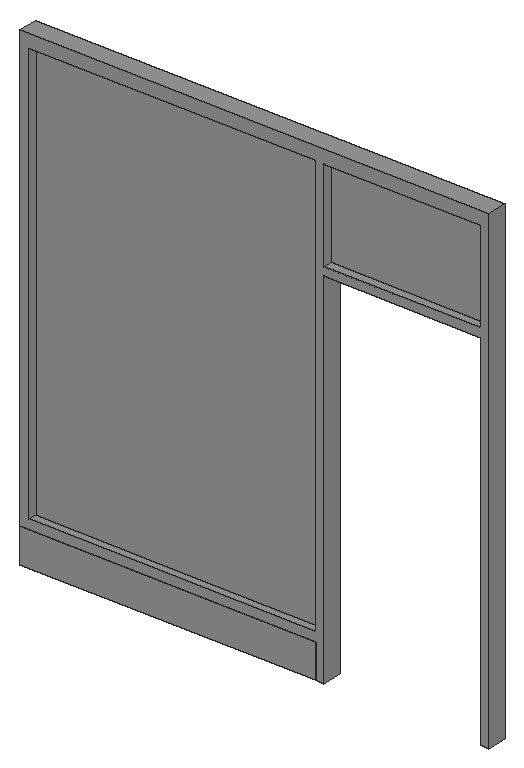
Revit family "Window W4", category Windows, host Wall, Revit 2025
Family settings
  Host = Wall
  OmniClass Number = 23.30.20.00
  OmniClass Title = Windows
  Always vertical = Yes
  Cut with Voids When Loaded = No
  Shared = No
  Room Calculation Point = No
Parameters
  Height = 48"
  Glass Width = 0.5"
  Glass Material = Glass, Clear Glazing, Tempered
  Frame Size = 2"
  Frame Material = Laminate, Black
  Default Sill Height = 36"
  Wall Closure = By host
  Width = 4.5"
Reference planes (in)
  plane 1 "Center (Front/Back)": y = 0
  plane 2: z = 0
  plane 3 "Center (Left/Right)": x = 0
  plane 4 "Sill": z = 36
  plane 5: y = 2.25
  plane 6: y = -2.25
  plane 7: y = 0.25
  plane 8: y = -0.25
Forms (in)
  Extrusion 1, solid, material "Laminate, Black" <- "Frame Material"
    sketch origin (0, 0, 0) x (1, 0, 0) y (0, 0, 1)
      loop
        line (39, 146.20957) -> (-69, 146.20957) -> (-69, 44) -> (-1, 44) -> (-1, 36) -> (1, 36) -> (1, 120) -> (37, 120) -> (37, 36) -> (39, 36) -> (39, 146.20957)
      loop
        line (-1, 143.20957) -> (-67, 143.20957) -> (-67, 46) -> (-1, 46) -> (-1, 143.20957)
      loop
        line (37, 143.20957) -> (1, 143.20957) -> (1, 122) -> (37, 122) -> (37, 143.20957)
    from -2.25 to 2.25
  Extrusion 2, solid, material "Glass, Clear Glazing, Tempered" <- "Glass Material"
    sketch origin (0, 0, 0) x (1, 0, 0) y (0, 0, 1)
      loop
        line (-1, 143.20957) -> (-67, 143.20957) -> (-67, 46) -> (-1, 46) -> (-1, 143.20957)
      loop
        line (37, 143.20957) -> (1, 143.20957) -> (1, 122) -> (37, 122) -> (37, 143.20957)
    from -0.25 to 0.25
  Extrusion 3, solid, material "Laminate, Black" <- "Frame Material"
    sketch origin (0, 0, 0) x (1, 0, 0) y (0, 0, 1)
      loop
        line (-1, 44) -> (-69, 44) -> (-69, 36) -> (-1, 36) -> (-1, 44)
    from -2.25 to 2.25
Lines and regions (in)
  Opening 1
    outline origin (-60, -7, 0) x (1, 0, 0) y (0, 0, 1)
      loop
        line (-9, 146.20957) -> (-9, 36) -> (99, 36) -> (99, 146.20957) -> (-9, 146.20957)
Text (in)
  text "EXTERIOR" at (-58.6888, 50.90694, 0), in view "Ref. Level"
  text "INTERIOR" at (-58.6888, -37.76638, 0), in view "Ref. Level"
  text "Exterior" at (0, 43.65631, 123.19604), in view "Left"
  text "Exterior" at (0, 18.29385, 125.04747), in view "Right"
Dimensions and locks (in)
  "Default Sill Height": plane 2 to plane 4 "Sill"
  equal spacing: Extrusion 1 sketch curve, plane 3 "Center (Left/Right)", Extrusion 1 sketch curve
  "Frame Size": Extrusion 1 sketch curve to Extrusion 1 sketch curve  (x5)
  Extrusion 1 sketch curve to Extrusion 1 sketch curve = 66"
  Extrusion 1 sketch curve to Extrusion 1 sketch curve = 36"
  plane 4 "Sill" to Extrusion 1 sketch curve = 84"
  plane 4 "Sill" to Extrusion 1 sketch curve = 8"
  Extrusion 1 sketch curve to Extrusion 1 sketch curve = 3"  (x2)
  equal spacing: plane 5, plane 1 "Center (Front/Back)", plane 6
  "Width": plane 5 to plane 6
  equal spacing: plane 7, plane 1 "Center (Front/Back)", plane 8
  "Glass Width": plane 7 to plane 8
  aligned and locked: plane 4 "Sill" to Opening 1 sketch curve  (x2)
  aligned and locked: level to plane 2
  aligned and locked: Extrusion 1 sketch curve to Extrusion 1 sketch curve
  aligned and locked: Extrusion 1 to Opening 1 sketch curve  (x2)
  aligned and locked: Opening 1 sketch curve to Extrusion 1
  aligned and locked: plane 5 to Extrusion 1
  aligned and locked: Extrusion 1 to plane 6
  aligned and locked: Extrusion 1 to Extrusion 2 sketch curve  (x4)
  aligned and locked: Extrusion 2 sketch curve to Extrusion 1  (x4)
  aligned and locked: Extrusion 2 to plane 8
  aligned and locked: Extrusion 2 to plane 7
  aligned and locked: plane 5 to Extrusion 3
  aligned and locked: Extrusion 3 to plane 6
Automatic sketch dimensions
  Extrusion 1 sketch curve to plane 4 "Sill" = 0"  (x2)
  Extrusion 1 sketch curve to plane 3 "Center (Left/Right)" = 1"
  Extrusion 1 sketch curve to Extrusion 1 sketch curve = 2"
  Extrusion 1 sketch curve to Extrusion 1 sketch curve = 21.20957"
  Extrusion 3 sketch curve to plane 4 "Sill" = 0"
  Extrusion 3 sketch curve to plane 4 "Sill" = 8"
  Extrusion 3 sketch curve to plane 3 "Center (Left/Right)" = 69"
  Extrusion 3 sketch curve to plane 3 "Center (Left/Right)" = 1"
